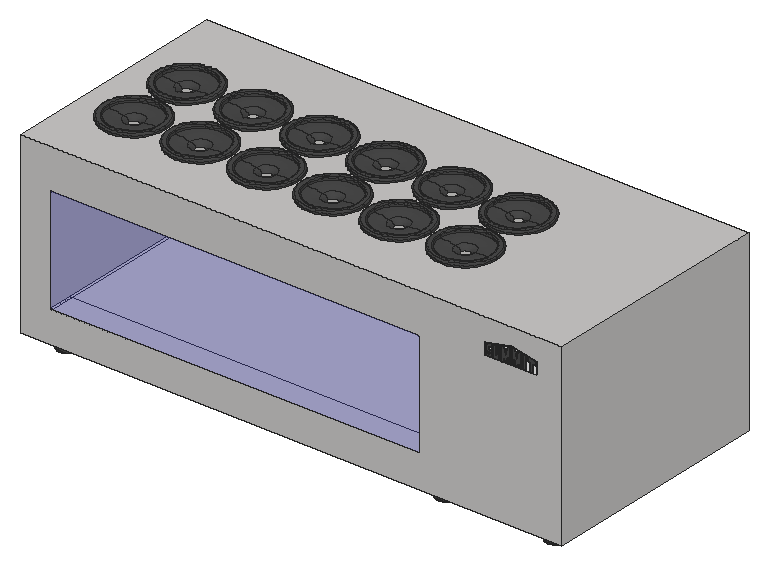
Revit family "Qf_Summit_STC12_12 Bottle Wine Cooler", category Specialty Equipment, Revit 2020 (continued)
Automatic sketch dimensions
  curve 84 to curve 85 = 27/32"
  curve 65 to curve 66 = 27/32"
  plane 7 "Center X" to curve 71 = 0.22608"
  curve 74 to plane 47 = 1/4"
  curve 83 to plane 47 = 1/4"
  curve 69 to plane 47 = 1/4"
  curve 88 to plane 47 = 1/4"
  curve 75 to curve 89 = 1/4"
  curve 61 to curve 104 = 1/4"
  curve 90 to curve 91 = 3/8"
  curve 91 to curve 96 = 3/16"
  curve 91 to curve 101 = 3/16"
  curve 105 to curve 110 = 3/16"
  plane 7 "Center X" to curve 115 = 0.91442"
  plane 7 "Center X" to curve 114 = 0.22608"
  curve 100 to curve 98 = 27/32"
  curve 109 to curve 107 = 27/32"
  curve 95 to plane 7 "Center X" = 1.22608"
  curve 108 to plane 6 "Center Y" = 13/32"
  plane 7 "Center X" to curve 113 = 0.22608"
  curve 94 to plane 6 "Center Y" = 13/32"
  curve 99 to plane 6 "Center Y" = 13/32"
  plane 6 "Center Y" to curve 102 = 1/4"
  plane 6 "Center Y" to curve 111 = 1/4"
  plane 6 "Center Y" to curve 97 = 1/4"
  plane 6 "Center Y" to curve 116 = 1/4"
  curve 103 to curve 117 = 1/4"
  curve 89 to curve 132 = 1/4"
  curve 132 to curve 133 = 3/8"
  plane 7 "Center X" to curve 129 = 0.91442"
  curve 119 to curve 124 = 3/16"
  curve 133 to curve 138 = 3/16"
  curve 133 to curve 143 = 3/16"
  curve 137 to plane 7 "Center X" = 1.22608"
  curve 123 to curve 121 = 27/32"
  plane 7 "Center X" to curve 128 = 0.22608"
  curve 142 to curve 140 = 27/32"
  curve 136 to plane 7 "Center X" = 1.22608"
  curve 141 to plane 4 "FRONT" = 3.53858"
  plane 7 "Center X" to curve 122 = 3.14892"
  plane 7 "Center X" to curve 127 = 0.22608"
  plane 7 "Center X" to curve 130 = 0.91442"
  curve 139 to plane 7 "Center X" = 1.91442"
  plane 7 "Center X" to curve 125 = 2.46058"
  curve 144 to plane 7 "Center X" = 3.46058"
  curve 131 to curve 145 = 1/4"
  curve 117 to curve 160 = 1/4"
  curve 146 to curve 147 = 3/8"
  curve 152 to plane 7 "Center X" = 1.91442"
  curve 157 to plane 7 "Center X" = 3.46058"
  plane 7 "Center X" to curve 166 = 2.46058"
  plane 7 "Center X" to curve 171 = 0.91442"
  plane 7 "Center X" to curve 170 = 0.22608"
  curve 156 to plane 4 "FRONT" = 3.53858"
  plane 7 "Center X" to curve 165 = 3.14892"
  curve 151 to plane 7 "Center X" = 1.22608"
  curve 163 to curve 164 = 27/32"
  plane 7 "Center X" to curve 169 = 0.22608"
  curve 154 to curve 155 = 27/32"
  curve 150 to plane 7 "Center X" = 1.22608"
  curve 158 to curve 147 = 3/16"
  curve 167 to curve 161 = 3/16"
  curve 153 to curve 147 = 3/16"
  plane 7 "Center X" to curve 172 = 0.91442"
  plane 2 "LEFT" to Extrusion 2 sketch curve = 2"
  Extrusion 2 sketch curve to Extrusion 2 sketch curve = 0.1"  (x3)
  Extrusion 2 sketch curve to plane 46 = 2.4754"  (x2)
  Extrusion 2 sketch curve to plane 9 = 2 1/8"
  Extrusion 2 sketch curve to plane 5 "TOP" = 2.725"
  Extrusion 1 to Extrusion 15 sketch curve = 2.725"
  Extrusion 15 sketch curve to Extrusion 1 = 9.3754"
  Extrusion 15 sketch curve to Extrusion 15 sketch curve = 0.1"  (x3)
  Extrusion 1 to Extrusion 15 sketch curve = 2.1"  (x2)
  Extrusion 1 to Extrusion 15 sketch curve = 2.225"
  Revolve 29 sketch curve to plane 9 = 0"  (x2)
  Revolve 29 sketch curve to level = 0"
  plane 2 "LEFT" to Revolve 29 sketch curve = 2"
  level to Revolve 29 sketch curve = 0.05"
  Revolve 29 sketch curve to Revolve 29 sketch curve = 0.58164"
  level to Revolve 29 sketch curve = 0.04293"
  Revolve 29 sketch curve to Revolve 29 sketch curve = 0.11887"
  Revolve 29 sketch curve to Revolve 29 sketch curve = 0"
  Revolve 29 sketch curve to Revolve 29 sketch curve = 0.32281"
  Revolve 30 sketch curve to plane 9 = 0"  (x2)
  Revolve 30 sketch curve to level = 0"
  Revolve 30 sketch curve to plane 3 "RIGHT" = 1 33/64"
  Revolve 30 sketch curve to level = 0.05"
  Revolve 30 sketch curve to Revolve 30 sketch curve = 0.58164"
  Revolve 30 sketch curve to level = 0.04293"
  Revolve 30 sketch curve to Revolve 30 sketch curve = 0.11887"
  Revolve 30 sketch curve to Revolve 30 sketch curve = 0"
  Revolve 30 sketch curve to Revolve 30 sketch curve = 0.32281"
  Revolve 31 sketch curve to plane 9 = 0"  (x2)
  Revolve 31 sketch curve to level = 0"
  plane 46 to Revolve 31 sketch curve = 1 3/4"
  Revolve 31 sketch curve to level = 0.05"
  Revolve 31 sketch curve to Revolve 31 sketch curve = 0.58164"
  Revolve 31 sketch curve to level = 0.04293"
  Revolve 31 sketch curve to Revolve 31 sketch curve = 0.11887"
  Revolve 31 sketch curve to Revolve 31 sketch curve = 0"
  Revolve 31 sketch curve to Revolve 31 sketch curve = 0.32281"
  Revolve 32 sketch curve to plane 9 = 0"  (x2)
  Revolve 32 sketch curve to level = 0"
  plane 2 "LEFT" to Revolve 32 sketch curve = 2"
  level to Revolve 32 sketch curve = 0.05"
  Revolve 32 sketch curve to Revolve 32 sketch curve = 0.58164"
  level to Revolve 32 sketch curve = 0.04293"
  Revolve 32 sketch curve to Revolve 32 sketch curve = 0.11887"
  Revolve 32 sketch curve to Revolve 32 sketch curve = 0"
  Revolve 32 sketch curve to Revolve 32 sketch curve = 0.32281"
  Revolve 33 sketch curve to plane 9 = 0"  (x2)
  Revolve 33 sketch curve to level = 0"
  plane 3 "RIGHT" to Revolve 33 sketch curve = 1 33/64"
  level to Revolve 33 sketch curve = 0.05"
  Revolve 33 sketch curve to Revolve 33 sketch curve = 0.58164"
  level to Revolve 33 sketch curve = 0.04293"
  Revolve 33 sketch curve to Revolve 33 sketch curve = 0.11887"
  Revolve 33 sketch curve to Revolve 33 sketch curve = 0"
  Revolve 33 sketch curve to Revolve 33 sketch curve = 0.32281"
  Revolve 34 sketch curve to plane 9 = 0"  (x2)
  Revolve 34 sketch curve to level = 0"
  Revolve 34 sketch curve to plane 46 = 1 3/4"
  level to Revolve 34 sketch curve = 0.05"
  Revolve 34 sketch curve to Revolve 34 sketch curve = 0.58164"
  level to Revolve 34 sketch curve = 0.04293"
  Revolve 34 sketch curve to Revolve 34 sketch curve = 0.11887"
  Revolve 34 sketch curve to Revolve 34 sketch curve = 0"
  Revolve 34 sketch curve to Revolve 34 sketch curve = 0.32281"
  Split face 1 sketch curve to cut or joined group of Extrusion 1, Extrusion 2, Extrusion 17, Extrusion 35 = 1/2"
  Split face 1 sketch curve to Split face 1 sketch curve = 0.1"  (x3)
  Split face 1 sketch curve to Split face 1 sketch curve = 0.8"  (x2)
  Split face 1 sketch curve to cut or joined group of Extrusion 1, Extrusion 2, Extrusion 17, Extrusion 35 = 8 1/4"
  Split face 1 sketch curve to Split face 1 sketch curve = 7.8"
  Split face 2 sketch curve to cut or joined group of Extrusion 1, Extrusion 2, Extrusion 17, Extrusion 35 = 1"
  Split face 2 sketch curve to cut or joined group of Extrusion 1, Extrusion 2, Extrusion 17, Extrusion 35 = 9 1/4"
  Split face 3 sketch curve to cut or joined group of Extrusion 1, Extrusion 2, Extrusion 17, Extrusion 35 = 1"
  Split face 3 sketch curve to cut or joined group of Extrusion 1, Extrusion 2, Extrusion 17, Extrusion 35 = 9 1/4"
  Split face 4 sketch curve to cut or joined group of Extrusion 1, Extrusion 2, Extrusion 17, Extrusion 35 = 0.86257"
  Split face 4 sketch curve to Split face 4 sketch curve = 0.21392"
  Split face 4 sketch curve to cut or joined group of Extrusion 1, Extrusion 2, Extrusion 17, Extrusion 35 = 9.12649"
  Split face 4 sketch curve to Split face 4 sketch curve = 0.12351"
  Split face 4 sketch curve to Split face 4 sketch curve = 0.24701"
  Split face 5 sketch curve to cut or joined group of Extrusion 1, Extrusion 2, Extrusion 17, Extrusion 35 = 1"
  Split face 5 sketch curve to cut or joined group of Extrusion 1, Extrusion 2, Extrusion 17, Extrusion 35 = 10 1/8"
  Split face 6 sketch curve to cut or joined group of Extrusion 1, Extrusion 2, Extrusion 17, Extrusion 35 = 1"
  Split face 6 sketch curve to cut or joined group of Extrusion 1, Extrusion 2, Extrusion 17, Extrusion 35 = 10 1/8"
  Split face 7 sketch curve to cut or joined group of Extrusion 1, Extrusion 2, Extrusion 17, Extrusion 35 = 0.92351"
  Split face 7 sketch curve to Split face 7 sketch curve = 0.21392"
  Split face 7 sketch curve to cut or joined group of Extrusion 1, Extrusion 2, Extrusion 17, Extrusion 35 = 10.00149"
  Split face 7 sketch curve to Split face 7 sketch curve = 0.12351"
  Split face 7 sketch curve to Split face 7 sketch curve = 0.24701"
  Split face 8 sketch curve to cut or joined group of Extrusion 1, Extrusion 2, Extrusion 17, Extrusion 35 = 3/4"
  Split face 8 sketch curve to Split face 8 sketch curve = 1/2"
  Split face 8 sketch curve to cut or joined group of Extrusion 1, Extrusion 2, Extrusion 17, Extrusion 35 = 11 1/2"
  Split face 8 sketch curve to Split face 8 sketch curve = 1 1/4"
  Split face 9 sketch curve to cut or joined group of Extrusion 1, Extrusion 2, Extrusion 17, Extrusion 35 = 1"
  Split face 9 sketch curve to cut or joined group of Extrusion 1, Extrusion 2, Extrusion 17, Extrusion 35 = 10.2496"
  Split face 10 sketch curve to cut or joined group of Extrusion 1, Extrusion 2, Extrusion 17, Extrusion 35 = 1"
  Split face 10 sketch curve to cut or joined group of Extrusion 1, Extrusion 2, Extrusion 17, Extrusion 35 = 10.2496"
  Split face 11 sketch curve to cut or joined group of Extrusion 1, Extrusion 2, Extrusion 17, Extrusion 35 = 0.8576"
  Split face 11 sketch curve to Split face 11 sketch curve = 0.25126"
  Split face 11 sketch curve to cut or joined group of Extrusion 1, Extrusion 2, Extrusion 17, Extrusion 35 = 10.30591"
  Split face 11 sketch curve to Split face 11 sketch curve = 9/256"  (x2)
  Split face 11 sketch curve to Split face 11 sketch curve = 0.03688"
  Split face 12 sketch curve to cut or joined group of Extrusion 1, Extrusion 2, Extrusion 17, Extrusion 35 = 1.00809"
  Split face 12 sketch curve to cut or joined group of Extrusion 1, Extrusion 2, Extrusion 17, Extrusion 35 = 9.3746"
  Split face 13 sketch curve to cut or joined group of Extrusion 1, Extrusion 2, Extrusion 17, Extrusion 35 = 1.00809"
  Split face 13 sketch curve to cut or joined group of Extrusion 1, Extrusion 2, Extrusion 17, Extrusion 35 = 9.3746"
  Split face 14 sketch curve to cut or joined group of Extrusion 1, Extrusion 2, Extrusion 17, Extrusion 35 = 0.8985"
  Split face 14 sketch curve to Split face 14 sketch curve = 0.20167"
  Split face 14 sketch curve to cut or joined group of Extrusion 1, Extrusion 2, Extrusion 17, Extrusion 35 = 9.39667"
  Split face 14 sketch curve to Split face 14 sketch curve = 0.04409"
  radius of Sweep 4 sketch curve = 2 1/16"
  radius of Sweep 5 sketch curve = 2 1/16"
  radius of Sweep 6 sketch curve = 2 1/16"
  radius of Sweep 7 sketch curve = 2 1/16"
  radius of Sweep 8 sketch curve = 2 1/16"
  radius of Sweep 9 sketch curve = 2 1/16"
  radius of Sweep 10 sketch curve = 2 1/16"
  radius of Sweep 11 sketch curve = 2 1/16"
  radius of Sweep 12 sketch curve = 2 1/16"
  radius of Sweep 13 sketch curve = 2 1/16"
  radius of Sweep 14 sketch curve = 2 1/16"
  radius of Sweep 16 sketch curve = 2 1/16"
  radius of Extrusion 17 sketch curve = 1 3/4"  (x12)
  radius of Sweep 18 sketch curve = 2 1/16"
  radius of Sweep 19 sketch curve = 2 1/16"
  radius of Sweep 20 sketch curve = 2 1/16"
  radius of Sweep 21 sketch curve = 2 1/16"
  radius of Sweep 22 sketch curve = 2 1/16"
  radius of Sweep 23 sketch curve = 2 1/16"
  radius of Sweep 24 sketch curve = 2 1/16"
  radius of Sweep 25 sketch curve = 2 1/16"
  radius of Sweep 26 sketch curve = 2 1/16"
  radius of Sweep 27 sketch curve = 2 1/16"
  radius of Sweep 28 sketch curve = 2 1/16"
  radius of Split face 2 sketch curve = 0.18589"
  radius of Split face 3 sketch curve = 0.17339"
  radius of Split face 5 sketch curve = 0.18589"
  radius of Split face 6 sketch curve = 0.17339"
  radius of Split face 9 sketch curve = 3/16"
  radius of Split face 10 sketch curve = 0.17708"
  radius of Split face 12 sketch curve = 3/16"
  radius of Split face 13 sketch curve = 0.17708"
Nested families (in)
  nested 1: "QF_LOGO_SUMMIT" at (30.65625, -16.125, 10.25686), type "QF_LOGO_SUMMIT"
    with Show Logo yes
Connectors (in)
  electrical at (28.75, -0.46369, 6.25), driven by "Volts", driven by "Apparent Power"
    settings: on cut or joined group of Extrusion 1, Extrusion 2, Extrusion 17, Extrusion 35, index 1, voltage 115 V, apparent load 143.75 VA, apparent load phase1 0 VA, apparent load phase2 0 VA, apparent load phase3 0 VA, power factor 1, load classification "Other", number of poles 1, system type 30, power factor state 1, is connector primary yes, connector utility no, sub classification motor no, connector description "Electrical Inlet"
  piping at (14, -0.46369, 1.75), diameter 0.4375
    settings: on cut or joined group of Extrusion 1, Extrusion 2, Extrusion 17, Extrusion 35, index 2, connector inside diameter 24", connector length 0", flow factor 0, pipe flow 0 GPM, pressure drop 0.00 psi, fitting loss kfactor 0, connector angle 0.00°, fixture units 0, engagement length 0", angle of deflection 0.00°, flow configuration 1, flow direction 2, fitting loss method 0, system type 16, joint type 0, gender type 0, connector reference index -1, connector utility 0, adjustable connector no, is connector primary yes, connector description "Drain"
Definition of nested family "QF_LOGO_SUMMIT"
  Parameters (values of type "QF_LOGO_SUMMIT")
    Show Logo [instance] = yes
    Default Elevation = 0"
  Reference planes (in)
    plane 1 "Center (Front/Back)": y = 0
    plane 2: z = 0
    plane 3 "Center (Left/Right)": x = 0
  Forms (in)
    Extrusion 1, solid
      sketch origin (-11.16229, 0.625, -2.89667) x (1, 0, 0) y (0, 0, -1)
        loop
          line (11.47787, -3.03897) -> (11.47787, -3.18068) -> (11.2411, -3.18068) -> (11.2411, -3.60532) -> (11.63555, -3.69212) -> (11.63555, -3.44494) -> (11.49851, -3.44494) -> (11.47737, -3.48529) -> (11.41852, -3.4847) -> (11.41852, -3.34299) -> (11.63555, -3.34299) -> (11.63555, -2.91649) -> (11.2411, -2.91649) -> (11.2411, -3.07874) -> (11.39788, -3.07874) -> (11.41903, -3.03839) -> (11.47787, -3.03897)
        loop
          line (11.73022, -2.91649) -> (11.73022, -3.71295) -> (11.89213, -3.74858) -> (11.89213, -3.14119) -> (11.97076, -3.14119) -> (11.97076, -3.76588) -> (12.12593, -3.80003) -> (12.12593, -2.91649) -> (11.73022, -2.91649)
        loop
          line (12.22795, -2.91649) -> (12.22795, -3.82675) -> (12.42218, -3.86949) -> (12.54348, -3.38385) -> (12.66208, -3.92228) -> (12.83954, -3.96133) -> (12.83954, -2.91649) -> (12.68166, -2.91649) -> (12.68166, -3.26138) -> (12.58261, -2.91649) -> (12.50318, -2.91649) -> (12.40552, -3.14057) -> (12.40552, -2.91649) -> (12.22795, -2.91649)
        loop
          line (12.93793, -2.91649) -> (12.93793, -3.96561) -> (13.13482, -3.92228) -> (13.25343, -3.38385) -> (13.37473, -3.86949) -> (13.56896, -3.82675) -> (13.56896, -2.91649) -> (13.39139, -2.91649) -> (13.39139, -3.14057) -> (13.29372, -2.91649) -> (13.2143, -2.91649) -> (13.11525, -3.26138) -> (13.11525, -2.91649) -> (12.93793, -2.91649)
        loop
          line (13.66715, -2.91649) -> (13.66715, -3.80514) -> (13.88471, -3.75727) -> (13.88471, -2.91649) -> (13.66715, -2.91649)
        loop
          line (13.98287, -3.5221) -> (13.98287, -3.73567) -> (14.516, -3.61836) -> (14.516, -3.40479) -> (14.3382, -3.44392) -> (14.3382, -2.91649) -> (14.14108, -2.91649) -> (14.14108, -3.48729) -> (13.98287, -3.5221)
      from -0.63712 to -0.625
    Extrusion 2, solid
      sketch origin (-11.16229, 0.625, -2.89667) x (1, 0, 0) y (0, 0, -1)
        loop
          line (12.88832, -4.03474) -> (14.59485, -3.66145) -> (14.59485, -2.89667) -> (11.16229, -2.89667) -> (11.16229, -3.64842) -> (12.88832, -4.03474)
        loop
          line (11.2411, -3.60532) -> (11.63555, -3.69212) -> (11.63555, -3.44494) -> (11.49851, -3.44494) -> (11.47737, -3.48529) -> (11.41852, -3.4847) -> (11.41852, -3.34299) -> (11.63555, -3.34299) -> (11.63555, -2.91649) -> (11.2411, -2.91649) -> (11.2411, -3.07874) -> (11.39788, -3.07874) -> (11.41903, -3.03839) -> (11.47787, -3.03897) -> (11.47787, -3.18068) -> (11.2411, -3.18068) -> (11.2411, -3.60532)
        loop
          line (11.73022, -3.71295) -> (11.89213, -3.74858) -> (11.89213, -3.14119) -> (11.97076, -3.14119) -> (11.97076, -3.76588) -> (12.12593, -3.80003) -> (12.12593, -2.91649) -> (11.73022, -2.91649) -> (11.73022, -3.71295)
        loop
          line (12.22795, -3.82675) -> (12.42218, -3.86949) -> (12.54348, -3.38385) -> (12.66208, -3.92228) -> (12.83954, -3.96133) -> (12.83954, -2.91649) -> (12.68166, -2.91649) -> (12.68166, -3.26138) -> (12.58261, -2.91649) -> (12.50318, -2.91649) -> (12.40552, -3.14057) -> (12.40552, -2.91649) -> (12.22795, -2.91649) -> (12.22795, -3.82675)
        loop
          line (12.93793, -3.96561) -> (13.13482, -3.92228) -> (13.25343, -3.38385) -> (13.37473, -3.86949) -> (13.56896, -3.82675) -> (13.56896, -2.91649) -> (13.39139, -2.91649) -> (13.39139, -3.14057) -> (13.29372, -2.91649) -> (13.2143, -2.91649) -> (13.11525, -3.26138) -> (13.11525, -2.91649) -> (12.93793, -2.91649) -> (12.93793, -3.96561)
        loop
          line (13.66715, -3.80514) -> (13.88471, -3.75727) -> (13.88471, -2.91649) -> (13.66715, -2.91649) -> (13.66715, -3.80514)
        loop
          line (13.98287, -3.73567) -> (14.516, -3.61836) -> (14.516, -3.40479) -> (14.3382, -3.44392) -> (14.3382, -2.91649) -> (14.14108, -2.91649) -> (14.14108, -3.48729) -> (13.98287, -3.5221) -> (13.98287, -3.73567)
      from -0.625 to -0.63712
  Dimensions and locks (in)
    aligned and locked: level to plane 2
    aligned and locked: Extrusion 1 to Extrusion 2
